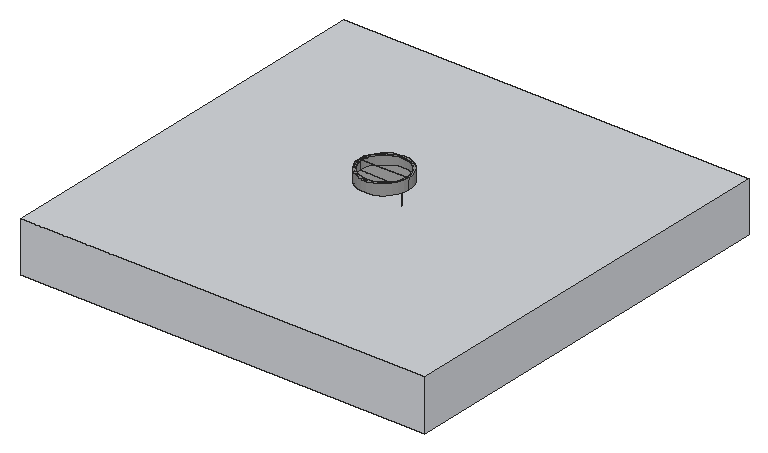
Revit family "LAMP_MUN LIGHT 300 SUSPENDED", category Modelos genéricos, Revit 2015
Parameters (values of type "716LM 3000 GRAPHITE")
  Weight = 2.68 kg
  Type = "LOW POWER OSRAM"
  Suspension height [instance] = 100 mm
  Altura suspension [instance] = if(Suspension height < 1 mm, 1 mm, if(Suspension height > 3000 mm, 3000 mm, Suspension height))  # 100 mm
  Protection rating = "IP20 / IK08"
  Product datasheet = "http://www.lamp.es/product-files/TECH/ML1300SU10830NB-EN.pdf"
  Product code = "ML1300SU10830NB"
  Product URL = "https://www.lamp.es/en/family/mun-light_33332"
  Power Supply = "220-240V 50-60Hz"
  Power = 8 W
  Plum = 9.3 W
  Photometric web file = Cuerpo Mun light 300 : 716LM 3000 GRAPHITE
  Modelo = Product code  # "ML1300SU10830NB"
  Manufacturer name = "LAMP"
  Manufacturer country = "Spain"
  Manufacturer URL = "http://www.lamp.es/en"
  MacAdam = "<3"
  Luminaire type = "Indoor - Downlight"
  Last update = "11/11/2020"
  Lamp = "LOW POWER LED"
  LED Lifetime = "50.000 L80 B10"
  Insulation class = "I"
  Installation instructions = "https://www.lamp.es/product-files/INS/1004130-C-MUN%20LIGHT.pdf"
  Initial intensity = 716 lm
  Initial color = 3000 K
  IEE = "A+"
  Height = 64 mm
  Gear = "Electronic"
  Finish = "Texturised matte graphite"
  Fabricante = Manufacturer name  # "LAMP"
  Default Elevation = 1219.2 mm
  Efficacy = 77 lm/W
  Diameter = 300 mm
  Descripción = "MUN LIGHT SUS Ø300 1000 WW GRH."
  CRI = "80"
Types (4, lengths in mm): name | Product datasheet | Product code | Modelo | Initial intensity | Initial color | Finish | Efficacy | Descripción
  716LM 4000 GRAPHITE | "http://www.lamp.es/product-files/TECH/ML1300SU10840NB-EN.pdf" | "ML1300SU10840NB" | "ML1300SU10840NB" | 716 lm | 4000 K | "Texturised matte graphite" | 77 lm/W | "MUN LIGHT SUS Ø300 1000 NW GRH."
  716LM 3000 GRAPHITE | "http://www.lamp.es/product-files/TECH/ML1300SU10830NB-EN.pdf" | "ML1300SU10830NB" | "ML1300SU10830NB" | 716 lm | 3000 K | "Texturised matte graphite" | 77 lm/W | "MUN LIGHT SUS Ø300 1000 WW GRH."
  761LM 4000 WHITE | "http://www.lamp.es/product-files/TECH/ML1300SU10840NW-EN.pdf" | "ML1300SU10840NW" | "ML1300SU10840NW" | 761 lm | 4000 K | "Texturised matte white" | 81.8 lm/W | "MUN LIGHT SUS Ø300 1000 NW WH."
  761LM 3000 WHITE | "http://www.lamp.es/product-files/TECH/ML1300SU10830NW-EN.pdf" | "ML1300SU10830NW" | "ML1300SU10830NW" | 761 lm | 3000 K | "Texturised matte white" | 81.8 lm/W | "MUN LIGHT SUS Ø300 1000 WW WH."
Reference planes
  plane 1 "Centro (Frontal/Posterior)": y = 0
  plane 2: z = 0
  plane 3 "Centro (Izquierda/Derecha)": x = 0
  plane 4: z = 100
Forms (mm)
  Extrusion 1, solid
    sketch origin (0, 0, 0) x (1, 0, 0) y (0, 1, 0)
      loop
        line (-1219.2, 1219.2) -> (-1219.2, -1219.2) -> (1219.2, -1219.2) -> (1219.2, 1219.2) -> (-1219.2, 1219.2)
    from 0 to -304.8
  Extrusion 2, solid
    sketch origin (0, 0, 0) x (1, 0, 0) y (0, 1, 0)
      loop
        circle (-104.5, 0) r 1
      loop
        circle (104.5, 0) r 1
    from 0 to 100
Text (mm)
  text "Any modification of the parameters and properties of the LAMP BIM models must be executed and validated by the LAMP technical department.\n\nPhone: +34 93 736 68 00\n\nE-mail: lamp@lamp.es\n\n\n\nLAMP reserves the right to modify the technical specifications of its products." at (1021.775, 23724.17, -11872.381), in view "Preview"
Dimensions and locks
  "Altura suspension": plane 4 to Extrusion 1
  aligned and locked: plane 2 to Extrusion 1
  aligned and locked: level to Extrusion 1
  aligned and locked: Extrusion 2 to plane 4  (x2)
  aligned and locked: nested 1 to plane 4
Automatic sketch dimensions
  Extrusion 1 sketch curve to Extrusion 1 sketch curve = 2438.4 mm  (x2)
  plane 1 "Centro (Frontal/Posterior)" to Extrusion 2 sketch curve = 0 mm  (x2)
  Extrusion 2 sketch curve to plane 3 "Centro (Izquierda/Derecha)" = 104.5 mm
  plane 3 "Centro (Izquierda/Derecha)" to Extrusion 2 sketch curve = 104.5 mm
  radius of Extrusion 2 sketch curve = 1 mm  (x2)
Nested families
  nested 1: "Cuerpo Mun light 300" at (0, 0, 1664) x (1, 0, 0) z (0, 0, -1), type <- "Photometric web file", type "716LM 3000 GRAPHITE"
Connectors
  electrical at (0, 0, 100)
    settings: on nested 1, index 1, voltage 230 V, apparent load 0 VA, apparent load phase1 0 VA, apparent load phase2 0 VA, apparent load phase3 0 VA, power factor 1, load classification "Otro", number of poles 1, system type 31, power factor state 1, is connector primary yes, connector utility no, sub classification motor no, connector description ""
Definition of nested family "Cuerpo Mun light 300"
  Parameters (values of type "716LM 3000 GRAPHITE")
    Tilt Angle = 90.00°
    Wattage = 9.3 W
    built-in parameter 1150110 = 1 (stored number, unit not read)
    Material difusor = none
    Material cuerpo = none
    built-in parameter 1114217 = 1 (stored number, unit not read)
    built-in parameter 1150109 = 1 (stored number, unit not read)
    Default Elevation = 1219.2 mm
    Diametro interior 2 = 134.5 mm
    Diametro interior 1 = 148.5 mm
    Diametro difusor = 141 mm
    built-in parameter 1150134 = (empty or 0)
    built-in parameter 1150113 = 1 (stored number, unit not read)
    Lumens = 716.1 lm
    built-in parameter 1150115 = 1 (stored number, unit not read)
    built-in parameter 1150105 = 244.98 (stored number, unit not read)
    built-in parameter 1150137 = (empty or 0)
    built-in parameter 1150139 = (empty or 0)
    built-in parameter 1150112 = 1 (stored number, unit not read)
    built-in parameter 1150114 = 1 (stored number, unit not read)
    built-in parameter 1150132 = 2
    built-in parameter 1150102 = (empty or 0)
    built-in parameter 1150138 = (empty or 0)
    built-in parameter 1150107 = 3000 (stored number, unit not read)
    built-in parameter 1150106 = 2.4498 (stored number, unit not read)
    built-in parameter 1150104 = 7.1535 (stored number, unit not read)
    Dimming Lamp Color Temperature Shift = (empty or 0)
    Color Filter = 16777215
    built-in parameter 1114218 = 1 (stored number, unit not read)
    Photometric Web File = "10541022.IES"
    built-in parameter 1150133 = 10 (stored number, unit not read)
  Types (4, lengths in mm): name | built-in parameter 1150134 | Lumens | built-in parameter 1150105 | built-in parameter 1150107 | built-in parameter 1150106 | built-in parameter 1150104 | Photometric Web File
    716LM 4000 GRAPHITE | 12 | 716.1 lm | 244.98 (stored number, unit not read) | 4000 (stored number, unit not read) | 2.4498 (stored number, unit not read) | 7.1535 (stored number, unit not read) | "10540022.IES"
    716LM 3000 GRAPHITE | (empty or 0) | 716.1 lm | 244.98 (stored number, unit not read) | 3000 (stored number, unit not read) | 2.4498 (stored number, unit not read) | 7.1535 (stored number, unit not read) | "10541022.IES"
    761LM 4000 WHITE | 12 | 760.74 lm | 260.2 (stored number, unit not read) | 4000 (stored number, unit not read) | 2.602 (stored number, unit not read) | 7.5995 (stored number, unit not read) | "10540020.IES"
    761LM 3000 WHITE | (empty or 0) | 760.74 lm | 260.2 (stored number, unit not read) | 3000 (stored number, unit not read) | 2.602 (stored number, unit not read) | 7.5995 (stored number, unit not read) | "10541020.IES"
  Reference planes
    plane 1 "Eje de origen de luz (F/P)": y = 0
    plane 2: z = 0
    plane 3 "Eje de origen de luz (I/D)": x = 0
    plane 4 "Elevación de origen de luz": z = 1500
  Forms (mm)
    Revolve 1, solid, material <- "Material cuerpo"
      sketch origin (0, 0, 0) x (1, 0, 0) y (0, 0, 1)
        loop
          line (134.5, 1500) -> (150, 1500) -> (150, 1564) -> (0, 1564) -> (0, 1562.5) -> (148.5, 1562.5) -> (148.5, 1501.5) -> (134.5, 1501.5) -> (134.5, 1500)
        axis (0, 1564) -> (0, 1500)
      angle from 0 to 360
    Revolve 2, solid, material <- "Material difusor"
      sketch origin (0, 0, 0) x (1, 0, 0) y (0, 0, 1)
        loop
          line (0, 1501.5) -> (141, 1501.5) -> (141, 1504.5) -> (0, 1504.5) -> (0, 1501.5)
        axis (0, 1504.5) -> (0, 1501.5)
      angle from 0 to 360
    Extrusion 3, solid, material <- "Material cuerpo"
      sketch origin (0, 288.438, 0) x (-1, 0, 0) y (0, -1, 0)
        loop
          line (-8.572, 148.16) -> (-8.572, 141.872)
          arc (-8.572, 141.872) -> (-8.222, 141.522) -> (-7.872, 141.872) r 0.35
          line (-7.872, 141.872) -> (-7.872, 147.667) -> (-6.665, 147.667) -> (-4.718, 142.006)
          arc (-4.718, 142.006) -> (-4.092, 141.559) -> (-3.465, 142.006) r 0.663
          line (-3.465, 142.006) -> (-1.68, 147.197)
          arc (-1.68, 147.197) -> (-1.234, 147.463) -> (-0.899, 147.067) r 0.401
          line (-0.899, 147.067) -> (-0.899, 142.203)
          arc (-0.899, 142.203) -> (-0.391, 141.498) -> (0.439, 141.755) r 0.744
          line (0.439, 141.755) -> (1.555, 142.871) -> (2.672, 141.755)
          arc (2.672, 141.755) -> (3.502, 141.498) -> (4.009, 142.203) r 0.744
          line (4.009, 142.203) -> (4.009, 147.429) -> (5.378, 147.429) -> (5.378, 141.559) -> (8.876, 141.559) -> (8.876, 144.707) -> (6.509, 144.707)
          arc (6.509, 144.707) -> (6.159, 144.358) -> (6.509, 144.008) r 0.35
          line (6.509, 144.008) -> (8.176, 144.008) -> (8.176, 142.259) -> (6.077, 142.259) -> (6.077, 148.16) -> (3.298, 148.16) -> (3.298, 142.303) -> (1.555, 144.045) -> (-0.187, 142.303) -> (-0.187, 148.115) -> (-2.104, 148.115) -> (-4.092, 142.338) -> (-6.095, 148.16) -> (-8.572, 148.16)
      from 1499 to 1500
  Dimensions and locks
    "Diametro interior 2": Revolve 1 sketch curve to plane 3 "Eje de origen de luz (I/D)"
    locked: Revolve 1 sketch curve to Revolve 1 sketch curve at 1.5
    "Diametro interior 1": Revolve 1 sketch curve to plane 3 "Eje de origen de luz (I/D)"
    "Diametro difusor": Revolve 2 sketch curve to plane 3 "Eje de origen de luz (I/D)"
    aligned and locked: plane 3 "Eje de origen de luz (I/D)" to imposter light
    aligned and locked: plane 1 "Eje de origen de luz (F/P)" to imposter light
    aligned and locked: plane 4 "Elevación de origen de luz" to imposter light
    aligned and locked: level to plane 2
  Automatic sketch dimensions
    Extrusion 3 sketch curve to plane 3 "Eje de origen de luz (I/D)" = 8.572 mm
    Extrusion 3 sketch curve to Extrusion 3 sketch curve = 0.35 mm  (x2)
    Extrusion 3 sketch curve to Extrusion 3 sketch curve = 1.207 mm
    Extrusion 3 sketch curve to Extrusion 3 sketch curve = 0.57 mm
    Extrusion 3 sketch curve to Extrusion 3 sketch curve = 3.154 mm
    Extrusion 3 sketch curve to Extrusion 3 sketch curve = 0.627 mm  (x2)
    Extrusion 3 sketch curve to Extrusion 3 sketch curve = 0 mm  (x3)
    Extrusion 3 sketch curve to plane 3 "Eje de origen de luz (I/D)" = 2.104 mm
    Extrusion 3 sketch curve to Extrusion 3 sketch curve = 0.424 mm
    Extrusion 3 sketch curve to Extrusion 3 sketch curve = 0.38 mm
    Extrusion 3 sketch curve to Extrusion 3 sketch curve = 0.401 mm
    Extrusion 3 sketch curve to plane 3 "Eje de origen de luz (I/D)" = 0.187 mm
    Extrusion 3 sketch curve to Extrusion 3 sketch curve = 0.032 mm
    plane 3 "Eje de origen de luz (I/D)" to Extrusion 3 sketch curve = 0.439 mm
    plane 3 "Eje de origen de luz (I/D)" to Extrusion 3 sketch curve = 1.555 mm
    Extrusion 3 sketch curve to Extrusion 3 sketch curve = 1.116 mm
    Extrusion 3 sketch curve to Extrusion 3 sketch curve = 0.594 mm
    plane 3 "Eje de origen de luz (I/D)" to Extrusion 3 sketch curve = 3.298 mm
    Extrusion 3 sketch curve to Extrusion 3 sketch curve = 0.712 mm
    Extrusion 3 sketch curve to Extrusion 3 sketch curve = 1.368 mm
    Extrusion 3 sketch curve to Extrusion 3 sketch curve = 0.7 mm  (x3)
    Extrusion 3 sketch curve to Extrusion 3 sketch curve = 0.432 mm
    Extrusion 3 sketch curve to Extrusion 3 sketch curve = 1.667 mm
    plane 1 "Eje de origen de luz (F/P)" to Extrusion 3 sketch curve = 140.278 mm
    Extrusion 3 sketch curve to Extrusion 3 sketch curve = 0.044 mm
    Extrusion 3 sketch curve to Extrusion 3 sketch curve = 0.493 mm
    Extrusion 3 sketch curve to Extrusion 3 sketch curve = 0.731 mm
    Extrusion 3 sketch curve to Extrusion 3 sketch curve = 0.918 mm
    Extrusion 3 sketch curve to Extrusion 3 sketch curve = 2.722 mm
    Extrusion 3 sketch curve to Extrusion 3 sketch curve = 3.021 mm
    Extrusion 3 sketch curve to Extrusion 3 sketch curve = 1.174 mm
    Extrusion 3 sketch curve to Extrusion 3 sketch curve = 4.859 mm
    Extrusion 3 sketch curve to Extrusion 3 sketch curve = 0.568 mm
    Extrusion 3 sketch curve to Extrusion 3 sketch curve = 1.749 mm
    Extrusion 3 sketch curve to Extrusion 3 sketch curve = 0.117 mm
    Extrusion 3 sketch curve to Extrusion 3 sketch curve = 0.1 mm
    Extrusion 3 sketch curve to Extrusion 3 sketch curve = 0.215 mm
    Extrusion 3 sketch curve to Extrusion 3 sketch curve = 0.134 mm
    Revolve 1 sketch curve to plane 3 "Eje de origen de luz (I/D)" = 0 mm  (x2)
    Revolve 1 sketch curve to plane 4 "Elevación de origen de luz" = 0 mm
    Revolve 1 sketch curve to plane 4 "Elevación de origen de luz" = 1.5 mm
    Revolve 1 sketch curve to Revolve 1 sketch curve = 61 mm
    Revolve 1 sketch curve to Revolve 1 sketch curve = 1.5 mm
    Revolve 1 sketch curve to level = 271.696 mm
    Revolve 1 sketch curve to Revolve 1 sketch curve = 138.626 mm
    Revolve 2 sketch curve to plane 3 "Eje de origen de luz (I/D)" = 0 mm  (x2)
    Revolve 2 sketch curve to plane 4 "Elevación de origen de luz" = 1.5 mm
    Revolve 2 sketch curve to Revolve 2 sketch curve = 3 mm
    Revolve 2 sketch curve to level = 271.696 mm
    Revolve 2 sketch curve to Revolve 2 sketch curve = 198.126 mm
